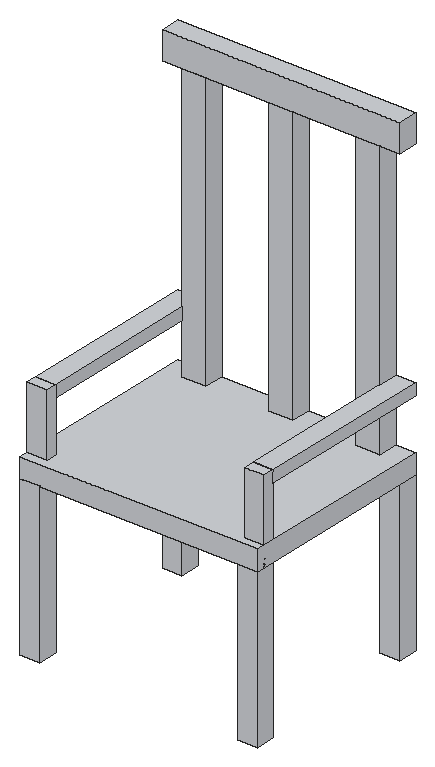
Revit family
Parameters
  stecca schienale = 60 mm
  spessore = 50 mm
  profondità = 500 mm
  metà stecca = stecca schienale / 2  # 30 mm
  metà profondità = profondità / 2  # 250 mm
  metà larghezza = larghezza / 2  # 300 mm
  larghezza = 600 mm
  bracciolo = 30 mm
  altezza schienale = 700 mm
  altezza barra finale dello schienale = 70 mm
  LARGHEZZA gamba sedia = 50 mm
  ALTEZZA GAMBA SEDIA = 400 mm
Reference planes
  plane 1 "Centro (Fronte/Retro)": y = 0
  plane 2: z = 0
  plane 3 "Centro (Sinistra/Destra)": x = 0
  plane 4: x = -300
  plane 5: x = 300
  plane 6: y = 250
  plane 7: y = -250
  plane 8: z = 50
  plane 9: y = 200
  plane 10: x = 250
  plane 11: y = -200
  plane 12: x = -250
  plane 13: z = -400
  plane 14: x = -190
  plane 15: x = -30
  plane 16: x = 30
  plane 17: x = 190
  plane 18: z = 750
  plane 19: z = 820
  plane 20: z = 178.582
  plane 21: y = -227.989
Forms (mm)
  Extrusion 1, solid
    sketch origin (0, 0, 0) x (1, 0, 0) y (0, 1, 0)
      loop
        line (-300, 250) -> (-300, -250) -> (300, -250) -> (300, 250) -> (-300, 250)
    from 0 to 50
  Extrusion 2, solid
    sketch origin (0, 0, 0) x (1, 0, 0) y (0, 1, 0)
      loop
        line (-300, 250) -> (-300, 200) -> (-250, 200) -> (-250, 250) -> (-300, 250)
    from 0 to -400
  Extrusion 3, solid
    sketch origin (0, 0, 0) x (1, 0, 0) y (0, 1, 0)
      loop
        line (250, 250) -> (250, 200) -> (300, 200) -> (300, 250) -> (250, 250)
      loop
        line (250, -200) -> (250, -250) -> (300, -250) -> (300, -200) -> (250, -200)
      loop
        line (-300, -200) -> (-300, -250) -> (-250, -250) -> (-250, -200) -> (-300, -200)
    from 0 to -400
  Extrusion 4, solid
    sketch origin (0, 0, 0) x (1, 0, 0) y (0, 1, 0)
      loop
        line (-250, 250) -> (-250, 200) -> (-190, 200) -> (-190, 250) -> (-250, 250)
      loop
        line (-30, 250) -> (-30, 200) -> (30, 200) -> (30, 250) -> (-30, 250)
      loop
        line (190, 250) -> (190, 200) -> (250, 200) -> (250, 250) -> (190, 250)
    from 50 to 750
  Extrusion 5, solid
    sketch origin (0, 0, 0) x (1, 0, 0) y (0, 1, 0)
      loop
        line (-300, 250) -> (-300, 200) -> (300, 200) -> (300, 250) -> (-300, 250)
    from 750 to 820
  Extrusion 6, solid
    sketch origin (0, 0, 0) x (1, 0, 0) y (0, 1, 0)
      loop
        line (-300, 250) -> (-300, -200) -> (-250, -200) -> (-250, 250) -> (-300, 250)
      loop
        line (250, 250) -> (250, -200) -> (300, -200) -> (300, 250) -> (250, 250)
    from 178.582 to 208.582
  Extrusion 7, solid
    sketch origin (0, 0, 0) x (1, 0, 0) y (0, 1, 0)
      loop
        line (-300, -200) -> (-300, -227.989) -> (-250, -227.989) -> (-250, -200) -> (-300, -200)
      loop
        line (250, -200) -> (250, -227.989) -> (300, -227.989) -> (300, -200) -> (250, -200)
    from 0 to 208.582
Dimensions and locks
  "metà larghezza": plane 4 to plane 3 "Centro (Sinistra/Destra)"
  "metà larghezza": plane 3 "Centro (Sinistra/Destra)" to plane 5
  "metà profondità": plane 6 to plane 1 "Centro (Fronte/Retro)"
  "metà profondità": plane 1 "Centro (Fronte/Retro)" to plane 7
  "spessore": plane 8 to level
  "LARGHEZZA gamba sedia": plane 6 to plane 9
  "LARGHEZZA gamba sedia": plane 11 to plane 7
  "LARGHEZZA gamba sedia": plane 4 to plane 12
  "LARGHEZZA gamba sedia": plane 10 to plane 5
  "ALTEZZA GAMBA SEDIA": level to plane 13
  "stecca schienale": plane 12 to plane 14
  "stecca schienale": plane 17 to plane 10
  "metà stecca": plane 15 to plane 3 "Centro (Sinistra/Destra)"
  "metà stecca": plane 3 "Centro (Sinistra/Destra)" to plane 16
  "altezza schienale": plane 18 to plane 8
  "altezza barra finale dello schienale": plane 19 to plane 18
  "bracciolo": Extrusion 6 to plane 20
  aligned and locked: plane 4 to Extrusion 1 sketch curve
  aligned and locked: Extrusion 1 sketch curve to plane 6
  aligned and locked: Extrusion 1 sketch curve to plane 5
  aligned and locked: plane 7 to Extrusion 1 sketch curve
  aligned and locked: plane 8 to Extrusion 1
  aligned and locked: Extrusion 2 sketch curve to Extrusion 1  (x2)
  aligned and locked: Extrusion 2 sketch curve to plane 12
  aligned and locked: plane 9 to Extrusion 2 sketch curve
  aligned and locked: Extrusion 2 to plane 13
  aligned and locked: Extrusion 3 to Extrusion 1  (x3)
  aligned and locked: Extrusion 1 to Extrusion 3  (x3)
  aligned and locked: Extrusion 3 to plane 10  (x2)
  aligned and locked: Extrusion 3 to plane 9
  aligned and locked: plane 11 to Extrusion 3
  aligned and locked: Extrusion 4 sketch curve to Extrusion 1  (x3)
  aligned and locked: Extrusion 4 sketch curve to plane 14
  aligned and locked: plane 9 to Extrusion 4 sketch curve  (x3)
  aligned and locked: Extrusion 4 sketch curve to Extrusion 2
  aligned and locked: Extrusion 4 sketch curve to plane 16
  aligned and locked: plane 15 to Extrusion 4 sketch curve
  aligned and locked: plane 17 to Extrusion 4 sketch curve
  aligned and locked: Extrusion 4 sketch curve to Extrusion 3
  aligned and locked: plane 18 to Extrusion 4
  aligned and locked: Extrusion 5 sketch curve to Extrusion 1  (x3)
  aligned and locked: plane 9 to Extrusion 5 sketch curve
  aligned and locked: Extrusion 5 to plane 18
  aligned and locked: Extrusion 4 to plane 8
  aligned and locked: Extrusion 6 sketch curve to plane 6  (x2)
  aligned and locked: Extrusion 6 sketch curve to plane 12
  aligned and locked: Extrusion 6 sketch curve to Extrusion 1  (x2)
  aligned and locked: Extrusion 6 sketch curve to Extrusion 3
  aligned and locked: plane 11 to Extrusion 6 sketch curve
  aligned and locked: plane 10 to Extrusion 6 sketch curve
  aligned and locked: Extrusion 6 to plane 20
  aligned and locked: Extrusion 7 to Extrusion 6  (x2)
  aligned and locked: Extrusion 3 to Extrusion 7
  aligned and locked: Extrusion 7 to plane 21  (x2)
  aligned and locked: Extrusion 1 to Extrusion 7  (x2)
  aligned and locked: Extrusion 6 to Extrusion 7  (x2)
Automatic sketch dimensions
  Extrusion 3 sketch curve to plane 4 = 0 mm
  plane 12 to Extrusion 3 sketch curve = 0 mm
  Extrusion 3 sketch curve to plane 10 = 0 mm  (x2)
  plane 5 to Extrusion 3 sketch curve = 0 mm  (x2)
  Extrusion 3 sketch curve to plane 7 = 0 mm  (x2)
  plane 11 to Extrusion 3 sketch curve = 0 mm  (x2)
  Extrusion 3 sketch curve to plane 9 = 0 mm
  plane 6 to Extrusion 3 sketch curve = 0 mm
  Extrusion 4 sketch curve to plane 16 = 0 mm
  Extrusion 7 sketch curve to plane 21 = 0 mm  (x2)
  Extrusion 7 sketch curve to plane 4 = 0 mm
  plane 12 to Extrusion 7 sketch curve = 0 mm
  Extrusion 7 sketch curve to plane 10 = 0 mm
  plane 5 to Extrusion 7 sketch curve = 0 mm
  plane 11 to Extrusion 7 sketch curve = 0 mm  (x2)
